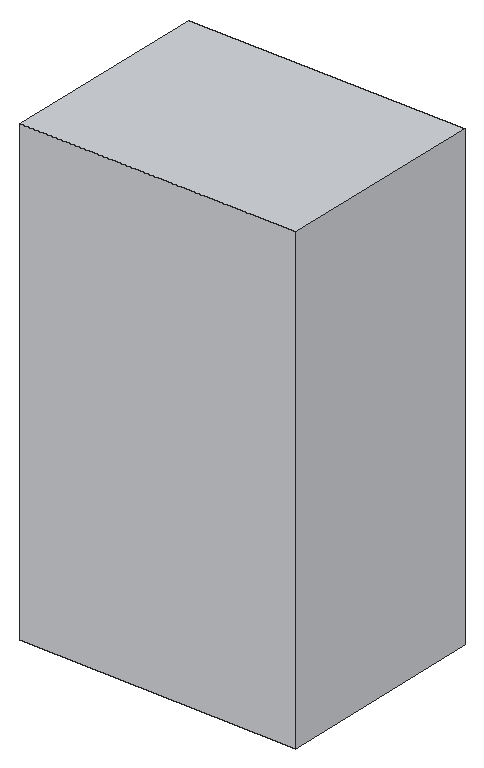
Revit family
Parameters
  Warranty Duration (Years) = 0
  Unit Width [instance] = 1' - 8"
  Unit Height [instance] = 1' - 8"
  Unit Depth = 0' - 1"
  URL = "http://www.americanspecialties.com/viewCategories.cfm"
  Trim Material = Glass
  Test Data = ""
  Specification = "http://www.arcat.com/sdspecs/htm/10810asi.htm"
  SpecWizard = ""
  Send Message = "http://www.arcat.com/users.pl?action=UserEmail&company=American%20Specialties,%20Inc.&coid=30448&rep=139&fax=914-476-0688&mf="
  Sales Information = "http://www.americanspecialties.com/contact"
  Revision = "R1_10-2010"
  Product Properties = "http://www.americanspecialties.com/datasheets/0537.pdf"
  Product Data = "http://www.arcat.com/arcatcos/cos30/arc30448.html"
  Model = "As Specified in 10 28 13"
  Mirror W [instance] = 1' - 7"
  Mirror Height = 1' - 7 1/2"
  Manufacturer Website = "http://www.americanspecialties.com/viewCategories.cfm"
  Manufacturer Phone - Toll Free = ""
  Manufacturer Phone = "914-476-9000 "
  Manufacturer Fax = "914-476-0688"
  Manufacturer Address = "441 Saw Mill River Rd., Yonkers, NY 10701"
  Manufacturer = "American Specialties, Inc."
  Maintenance Schedule (Months) = 0
  M = if(B = 0' 4", 0' 3 205/256", 0' 0 7/8")  # 0' - 3 205/256"
  Keynote = "10 28 13"
  Installation-Fabrication = "http://www.americanspecialties.com/products.cfm"
  Green Building-LEED = ""
  Expected Lifespan (Years) = 0
  Drawn By = "Robert S. Weygant. CSI, CDT, SCIP"  # constant formula
  Description = "Toilet Accessory as Specified in 10 28 13"
  Default Elevation = 4' - 0"
  Copyright = "©Arcat Inc."
  Construction Details = "http://www.arcat.com/green/clients/leed_data_30448.html"
  Building Codes = "http://www.americanspecialties.com/products.cfm"
  Body Material = Metal - Stainless Steel
  B = 0' - 4"
  Assembly Code = "C1030210"
Reference planes (in)
  plane 1 "Center (Front/Back)": y = -0.29112
  plane 2 "Floor Line": z = 0
  plane 3 "Center (Left/Right)": x = -0.65843
  plane 4: z = 58
  plane 5: x = -10.65843
  plane 6: x = 9.34157
  plane 7: z = 48
  plane 8: z = 68
  plane 9: x = 8.84157
  plane 10: x = -10.15843
Forms (in)
  Extrusion 1, solid
    sketch origin (-3, -9, -6) x (0, 0, -1) y (1, 0, 0)
      loop
        line (-82, 26) -> (-82, -19.34712) -> (-6, -19.34712) -> (-6, 26) -> (-82, 26)
    from 9 to -25.60721
  Extrusion 2, solid, material "Metal - Stainless Steel" <- "Body Material"
    sketch origin (-8.65843, 1.75, 0) x (0, 1, 0) y (0, 0, 1)
      loop
        line (-10.79112, 0) -> (9.20888, 0) -> (9.20888, 4) -> (-10.79112, 1) -> (-10.79112, 0)
    from -2 to 18
  Extrusion 3, solid, material "Glass" <- "Trim Material"
    sketch origin (-0.65843, 0, 0) x (0, 1, 0) y (0, 0, 1)
      loop
        line (-9.04112, 0.875) -> (-9.04112, 0) -> (10.45888, 0) -> (10.45888, 3.80078) -> (-9.04112, 0.875)
    from -9.5 to 9.5
  Extrusion 4, solid, material "Metal - Stainless Steel" <- "Body Material"
    sketch origin (0, 0, 0) x (1, 0, 0) y (0, 1, 0)
      loop
        line (-10.65843, -9.04112) -> (-10.65843, -9.54112) -> (9.34157, -9.54112) -> (9.34157, -9.04112) -> (-10.65843, -9.04112)
    from 0 to 7
  Extrusion 5, void
    sketch origin (-0.65843, 0, 0) x (0, 1, 0) y (0, 0, 1)
      loop
        line (10.45888, 0.25) -> (10.45888, 4.08757) -> (-8.54112, 4.08757) -> (-8.54112, 0.25) -> (10.45888, 0.25)
    from -9.5 to 9.5
Cuts and joins
  Extrusion 5 cuts Extrusion 2
Dimensions and locks (in)
  equal spacing: plane 8, plane 4, plane 7
  equal spacing: plane 6, plane 3 "Center (Left/Right)", plane 5
  "Unit Width": plane 6 to plane 5
  "Unit Height": plane 8 to plane 7
  "Default Elevation": plane 7 to plane 2 "Floor Line"
  "Unit Height": Extrusion 2 sketch curve to Extrusion 2 sketch curve
  locked: Extrusion 2 sketch curve to Extrusion 2 sketch curve at 1
  "B": Extrusion 2 sketch curve to Extrusion 2 sketch curve
  locked: cut or joined group of Extrusion 2, Extrusion 5 to cut or joined group of Extrusion 2, Extrusion 5 at 0.5  (x2)
  "Mirror W": plane 10 to plane 9
  equal spacing: plane 10, plane 3 "Center (Left/Right)", plane 9
  "Mirror Height": Extrusion 3 to Extrusion 4
  "M": Extrusion 3 sketch curve to Extrusion 3 sketch curve
  locked: Extrusion 3 sketch curve to Extrusion 3 sketch curve at 0.875
  aligned and locked: Extrusion 1 to level
  aligned and locked: Extrusion 3 to Extrusion 4
  aligned and locked: Extrusion 4 to plane 5
  aligned and locked: plane 6 to Extrusion 4
  aligned and locked: plane 6 to cut or joined group of Extrusion 2, Extrusion 5
  aligned and locked: cut or joined group of Extrusion 2, Extrusion 5 to plane 5
  aligned and locked: Extrusion 3 to plane 9
  aligned and locked: plane 10 to Extrusion 3
  aligned and locked: Extrusion 3 to Extrusion 5
Automatic sketch dimensions
  Extrusion 1 sketch curve to Extrusion 1 sketch curve = 6' - 4"
  Extrusion 1 sketch curve to Extrusion 1 sketch curve = 3' - 9.34712"
  Extrusion 2 sketch curve to level = 0' - 0"
  plane 1 "Center (Front/Back)" to Extrusion 2 sketch curve = 0' - 8 3/4"
  plane 5 to Extrusion 4 sketch curve = 0' - 0"
  plane 6 to Extrusion 4 sketch curve = 0' - 0"
  plane 1 "Center (Front/Back)" to Extrusion 4 sketch curve = 0' - 9 1/4"
  Extrusion 4 sketch curve to Extrusion 4 sketch curve = 0' - 0 1/2"
  level to Extrusion 5 sketch curve = 0' - 0 1/4"
  plane 1 "Center (Front/Back)" to Extrusion 5 sketch curve = 0' - 8 1/4"
  level to Extrusion 5 sketch curve = 0' - 4.08757"
  Extrusion 5 sketch curve to plane 1 "Center (Front/Back)" = 0' - 10 3/4"
  plane 1 "Center (Front/Back)" to Extrusion 3 sketch curve = 0' - 8 3/4"
  Extrusion 3 sketch curve to plane 1 "Center (Front/Back)" = 0' - 10 3/4"
  Extrusion 3 sketch curve to level = 0' - 0"
